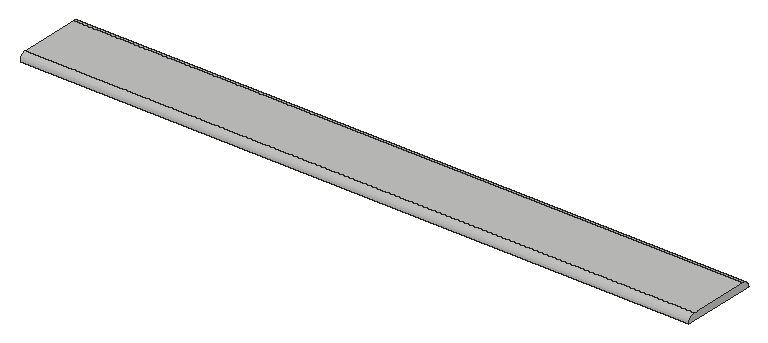
Revit family "Stair_Tread-Wooster-Cast_Nosings_Thresholds-110", category Specialty Equipment, host Face, Revit 2017
Family settings
  Host = Face
  Round Connector Dimension = Use Diameter
  Part Type = Normal
  OmniClass Number = 23.30.70.21.11.11.11
  OmniClass Title = Stair Nosings
  Cut with Voids When Loaded = No
  Shared = No
  Room Calculation Point = No
Parameters (values of type "110")
  Width [instance] = 0' - 4"  # constant formula
  Version = "2017 - v2.0a"  # constant formula
  URL = "http://www.wooster-products.com/"
  Support Phone = "(224) 699-9545"  # constant formula
  Support Email = "mailto:support@anguleris.com"
  Safety Tread [instance] = Filler - Wooster - Grey - Cast Tread
  Product Page URL = "http://www.woosterproducts.com/products/alumogrit-ferrogrit/cast-nosings/"
  Product Name = "Abrasive Cast Nosings"  # constant formula
  Product Documentation Link = "http://www.woosterproducts.com/spec/110.pdf"
  Model = "110"
  Material = ""
  Manufacturer Phone Number = "1-800-321-4936 or 330-264-2844"  # constant formula
  Manufacturer Fax Number = "330-262-4151"  # constant formula
  Manufacturer Email = "mailto:tim@wooster-products.com"
  Manufacturer Address = "1000 Spruce Street, P.O. BOX 6005, Wooster, OH. 44691"  # constant formula
  Manufacturer = "Wooster Productions Inc"  # constant formula
  Length Constraint [instance] = if(Length > 8' 6", 8' 6", Length)  # 3' - 0"
  Length [instance] = 3' - 0"
  Description = "Anti-Slip Stair Nosing"  # constant formula
  Depth = 0' - 0 3/8"  # constant formula
  Default Elevation = 0' - 0"  # constant formula
  Copyright = "Wooster Products Inc. 2019"  # constant formula
  Construction Type = "New Construction"  # constant formula
Values of the unnamed type that differ from the named types
  Support Email = ""
  Product Page URL = "http://www.wooster-products.com/Cast_Nosings_Thresholds.html"
  Product Documentation Link = "http://wooster-products.com/pub/Specs/110.pdf"
  Manufacturer Email = ""
Reference planes (in)
  plane 1 "Center (Front/Back)": y = 0
  plane 2: z = 0
  plane 3 "Center (Left/Right)": x = 0
  plane 4 "Left": x = -18
  plane 5 "Right": x = 18
  plane 6 "Back": y = 2
  plane 7 "Front": y = -2
  plane 8 "Bottom": z = -0.35937
  plane 9: z = 0.01563
Forms (in)
  Extrusion 1, void
    sketch origin (0, 0, 0) x (1, 0, 0) y (0, 1, 0)
      loop
        line (-18, 2) -> (-18, -2) -> (18, -2) -> (18, 2) -> (-18, 2)
    from -0.35937 to 0
  Sweep 2, solid, material "Filler - Wooster - Grey - Cast Tread" <- "Safety Tread"
    path origin (0, 24.03198, 0.01563) x (0, 1, 0) y (-1, 0, 0)
      loop
        line (-22.03198, -18) -> (-22.03198, 18)
    profile "Abrasive Filler : Abrasive Filler" origin (0, 2, 0.01562) x (0, -1, 0) y (0, 0, 1)
      loop
        arc (0.374, 0) -> (0.10954, -0.10954) -> (0, -0.374) r 0.374
        line (0, -0.374) -> (4, -0.374)
        arc (4, -0.374) -> (3.89046, -0.10954) -> (3.626, 0) r 0.374
        line (3.626, 0) -> (0.374, 0)
Lines and regions (in)
  Masking region 1
    outline origin (0, 0, 0) x (1, 0, 0) y (0, 1, 0)
      loop
        line (-18, 2) -> (-18, -2) -> (18, -2) -> (18, 2) -> (-18, 2)
Dimensions and locks (in)
  equal spacing: plane 4 "Left", plane 3 "Center (Left/Right)", plane 5 "Right"
  "Length Constraint": plane 4 "Left" to plane 5 "Right"
  equal spacing: plane 7 "Front", plane 1 "Center (Front/Back)", plane 6 "Back"
  "Width": plane 7 "Front" to plane 6 "Back"
  "Depth": plane 9 to plane 8 "Bottom"
  locked: plane 2 to plane 8 "Bottom" at 0.35938
  aligned and locked: plane 2 to host face
  aligned and locked: level to host face
  aligned and locked: Extrusion 1 sketch curve to Masking region 1  (x4)
  aligned and locked: Extrusion 1 to plane 8 "Bottom"
  aligned and locked: plane 2 to Extrusion 1
  aligned and locked: plane 5 "Right" to Sweep 2 sketch curve
  aligned and locked: plane 4 "Left" to Sweep 2 sketch curve
  aligned and locked: plane 6 "Back" to Sweep 2 sketch curve
  aligned and locked: Masking region 1 sketch curve to plane 6 "Back"
  aligned and locked: plane 5 "Right" to Masking region 1 sketch curve
  aligned and locked: Masking region 1 sketch curve to plane 7 "Front"
  aligned and locked: plane 4 "Left" to Masking region 1 sketch curve
Automatic sketch dimensions
  host sketch curve to host sketch curve = 8' - 0"
  host sketch curve to host sketch curve = 4' - 0"
